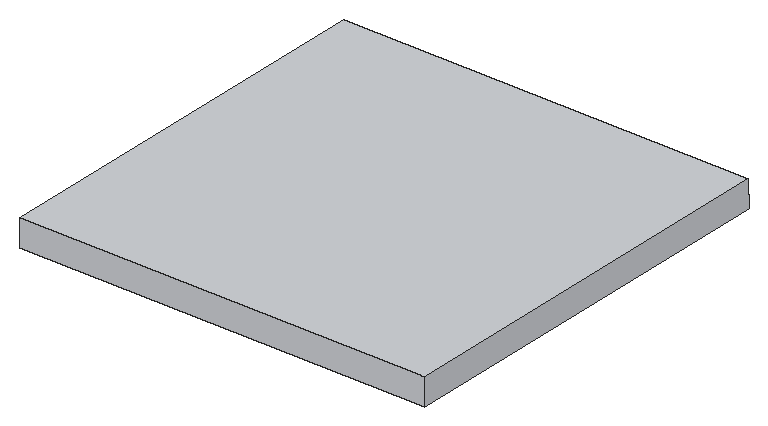
Revit family "1748_ TUPEX ELECTRIC_IS", category Lighting Fixtures, host Face, Revit 2016
Family settings
  Host = Face
  Part Type = Normal
  Round Connector Dimension = Use Diameter
  Cut with Voids When Loaded = No
  Light Source = Yes
  Shared = No
  Room Calculation Point = Yes
Parameters
  width = 600 mm
  volt = 220 V
  length = 600 mm
  depth = 20 mm
  Wattage = 33 W
  built-in parameter 1150110 = 1 (stored number, unit not read)
  built-in parameter 1114217 = 1 (stored number, unit not read)
  Tilt Angle = 60.00°
  built-in parameter 1150109 = 1 (stored number, unit not read)
  built-in parameter 1150134 = 3
  built-in parameter 1150113 = 1 (stored number, unit not read)
  Photometric Web File = "1748.IES"
  built-in parameter 1150105 = 286.24 (stored number, unit not read)
  Lumens = 3597 lm
  built-in parameter 1150115 = 1 (stored number, unit not read)
  built-in parameter 1150137 = (empty or 0)
  built-in parameter 1150139 = (empty or 0)
  built-in parameter 1150112 = 1 (stored number, unit not read)
  built-in parameter 1150114 = 1 (stored number, unit not read)
  built-in parameter 1150132 = (empty or 0)
  built-in parameter 1150102 = (empty or 0)
  built-in parameter 1150107 = 3200 (stored number, unit not read)
  built-in parameter 1150138 = (empty or 0)
  built-in parameter 1150106 = 2.8624 (stored number, unit not read)
  built-in parameter 1150104 = 10.126 (stored number, unit not read)
  Dimming Lamp Color Temperature Shift = (empty or 0)
  Default Elevation = 1219.2 mm
  Color Filter = 16777215
  built-in parameter 1114218 = 1 (stored number, unit not read)
  built-in parameter 1150133 = 10 (stored number, unit not read)
Reference planes
  plane 1 "Center (Front/Back)": y = 0
  plane 2: z = 0
  plane 3 "Center (Left/Right)": x = 0
  plane 4: x = 600
  plane 5: y = -600
  plane 6: z = 20
  plane 7: z = -20
  plane 8: y = -300
  plane 9: x = 300
Forms (mm)
  Extrusion 1, solid
    sketch origin (0, 0, 0) x (1, 0, 0) y (0, 0, 1)
      loop
        line (600, 20) -> (0, 20) -> (0, -20) -> (600, -20) -> (600, 20)
    from 0 to 600
Dimensions and locks
  "width": plane 3 "Center (Left/Right)" to plane 4
  "length": plane 5 to plane 1 "Center (Front/Back)"
  "depth": level to plane 6
  plane 7 to level = 20 mm
  aligned and locked: plane 2 to host face
  aligned and locked: level to host face
Automatic sketch dimensions
  host sketch curve to host sketch curve = 2438.4 mm  (x2)
  Extrusion 1 sketch curve to plane 6 = 0 mm
  Extrusion 1 sketch curve to plane 7 = 0 mm
  Extrusion 1 sketch curve to plane 3 "Center (Left/Right)" = 0 mm
  Extrusion 1 sketch curve to plane 4 = 0 mm
Connectors
  electrical at (300, -300, 20), driven by "volt"
    settings: on Extrusion 1, index 1, voltage 220 V, apparent load 0 VA, apparent load phase1 36 VA, apparent load phase2 0 VA, apparent load phase3 0 VA, power factor 1, load classification "Lighting", number of poles 1, system type 31, power factor state 1, is connector primary yes, connector utility no, sub classification motor no, connector description ""
